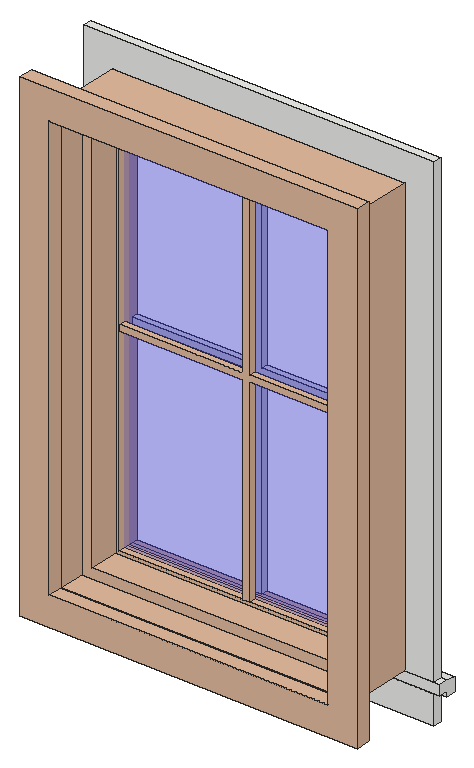
Revit family "177839c18d664fe79f584cccd9a3791d", category Ventanas, Revit 2026
Family settings
  Anfitrión = Muro
  Siempre vertical = Sí
  Corte con vacíos al cargar = No
  Compartido = No
  Punto de cálculo de habitación = No
Parameters (values of type "600 x 900mm")
  Incrustación de ventana [instance] = 0 mm
  Grosor de pared [instance] = 150 mm
  Visual Light Transmittance = 0.81
  Resistencia térmica (R) = 0.319569 (m²·K)/W
  Solar Heat Gain Coefficient = 0.76
  Anchura bruta = Anchura + 15 mm  # 615 mm
  Altura bruta = Altura + 15 mm  # 915 mm
  Visibilidad de montante secundario = yes
  Patrón de montante secundario = M_Patrón de montante secundario_2x2 : M_Patrón de montante secundario_2x2
  Cierre de muro interior [instance] = 54.75 mm
  Visibilidad de cubrejuntas interior [instance] = yes
  Material de cubrejuntas interior = Madera - Tinte
  Cubrejuntas interior = M_Cubrejuntas-Ventana-Interior-Plano : Marco de cuadro
  Altura = 900 mm
  Material de estructura interior = Madera - Tinte
  Coeficiente de transferencia de calor (U) = 3.12929 W/(m²·K)
  Material de panel de vidrio = Vidrio
  Extensión de estructura [instance] = if(Visibilidad de cubrejuntas exterior, Incrustación de ventana + 6.35 mm, 6.35 mm)  # 6.35 mm
  Clasificación para incendios = "0.5h"
  Cierre de muro exterior [instance] = 31.75 mm
  Visibilidad de cubrejuntas exterior [instance] = yes
  Material de cubrejuntas exterior = Revestimiento - Blanco
  Cubrejuntas exterior = M_Moldura-Ventana-Exterior-Plana : con antepecho
  Material de estructura exterior = Revestimiento - Blanco
  Visibilidad de jamba de extensión [instance] = and(Visibilidad de cubrejuntas interior, Grosor de pared - Incrustación de ventana > 95.25 mm)  # yes
  Jamba de extensión [instance] = if(Grosor de pared - Incrustación de ventana > 95.25 mm, Grosor de pared - Incrustación de ventana - 95.25 mm, 25.4 mm)  # 54.75 mm
  Altura de antepecho por defecto = 900 mm
  Cierre de muro = Por anfitrión
  Anchura = 600 mm
  Construcción analítica = "Cristalera doble - doméstica"
Reference planes
  plane 1 "Centro (Frontal/Posterior)": y = 0
  plane 2: z = 0
  plane 3 "Centro (Izquierda/Derecha)": x = 0
  plane 4 "Izquierda": x = -300
  plane 5 "Derecha": x = 300
  plane 6 "Antepecho": z = 900
  plane 7 "Parte superior": z = 1800
  plane 8 "Incrustación de cara": y = 75
  plane 9 "Cierre de muro": y = -20.25
  plane 10 "Cara de hoja": y = 87.7
  plane 11 "Exterior": y = 75
  plane 12: x = 287.3
  plane 13: x = -287.3
  plane 14: z = 1787.3
  plane 15: z = 912.7
  plane 16: y = 55.95
  plane 17 "Vidrio": y = 65.475
  plane 18: y = 94.05
  plane 19: y = 94.05
  plane 20 "Interior": y = -75
  plane 21 "Jamba": y = -20.25
  plane 22 "Central": z = 1350
  plane 23: z = 1350
  plane 24: x = 268.25
  plane 25: x = 261.9
  plane 26: x = -261.9
  plane 27: x = 261.9
  plane 28: z = 1761.9
  plane 29: z = 938.1
  plane 30: y = -20.25
  plane 31: y = 43.25
  plane 32: y = 94.05
Forms (mm)
  Sweep 1, solid, material "Madera - Tinte" <- "Material de estructura interior"
    path origin (0, 87.7, 0) x (-1, 0, 0) y (0, 0, 1)
      loop
        line (-300, 900) -> (300, 900) -> (300, 1800) -> (-300, 1800) -> (-300, 900)
    profile origin (300, 87.7, 1350) x (1, 0, 0) y (0, 1, 0)
      loop
        line (0, 6.35) -> (-12.7, 6.35) -> (-12.7, -44.45) -> (-31.75, -44.45) -> (-31.75, -107.95) -> (0, -107.95) -> (0, 6.35)
  Extrusion 2, solid, material "Madera - Tinte" <- "Material de estructura interior", visible <- "Visibilidad de jamba de extensión"
    sketch origin (0, 0, 0) x (1, 0, 0) y (0, 0, 1)
      loop
        line (300, 1800) -> (-300, 1800) -> (-300, 900) -> (300, 900) -> (300, 1800)
      loop
        line (287.3, 912.7) -> (287.3, 1787.3) -> (-287.3, 1787.3) -> (-287.3, 912.7) -> (287.3, 912.7)
    from 20.25 to 75
  Sweep 3, solid, material "Madera - Tinte" <- "Material de estructura interior"
    path origin (0, 87.7, 0) x (-1, 0, 0) y (0, 0, 1)
      loop
        line (-287.3, 1787.3) -> (-287.3, 912.7) -> (287.3, 912.7) -> (287.3, 1787.3) -> (-287.3, 1787.3)
    profile origin (287.3, 87.7, 1350) x (0, 1, 0) y (-1, 0, 0)
      loop
        line (0, 0) -> (0, 25.4) -> (-44.45, 25.4) -> (-44.45, 0) -> (0, 0)
  Extrusion 4, solid, material "Vidrio" <- "Material de panel de vidrio"
    sketch origin (0, 0, 900) x (0, -1, 0) y (1, 0, 0)
      loop
        line (-75, -261.9) -> (-68.65, -261.9) -> (-68.65, 261.9) -> (-75, 261.9) -> (-75, -261.9)
      loop
        line (-55.95, 261.9) -> (-62.3, 261.9) -> (-62.3, -261.9) -> (-55.95, -261.9) -> (-55.95, 261.9)
    from 38.1 to 861.9
Lines and regions (mm)
  Opening 1
    outline origin (-1524, -75, 0) x (1, 0, 0) y (0, 0, 1)
      loop
        line (1224, 1800) -> (1224, 900) -> (1824, 900) -> (1824, 1800) -> (1224, 1800)
  Split face 1
    outline origin (261.9, 87.7, 938.1) x (-1, 0, 0) y (0, -1, 0)
      loop
        line (523.8, 12.7) -> (0, 12.7)
  Split face 2
    outline origin (261.9, 87.7, 1761.9) x (0, 0, -1) y (0, -1, 0)
      loop
        line (0, 12.7) -> (823.8, 12.7)
  Split face 3
    outline origin (-261.9, 87.7, 938.1) x (0, 0, 1) y (0, -1, 0)
      loop
        line (823.8, 12.7) -> (0, 12.7)
  Split face 4
    outline origin (-261.9, 87.7, 1761.9) x (0, -1, 0) y (1, 0, 0)
      loop
        line (12.7, 0) -> (12.7, 523.8)
  Split face 5
    outline origin (287.3, 43.25, 912.7) x (0, 0, 1) y (0, 1, 0)
      loop
        line (874.6, 31.75) -> (0, 31.75)
  Split face 6
    outline origin (-287.3, 43.25, 912.7) x (1, 0, 0) y (0, 1, 0)
      loop
        line (0, 31.75) -> (574.6, 31.75)
  Split face 7
    outline origin (-287.3, 43.25, 1787.3) x (0, 0, -1) y (0, 1, 0)
      loop
        line (874.6, 44.45) -> (0, 44.45)
  Split face 8
    outline origin (287.3, 43.25, 1787.3) x (0, 1, 0) y (-1, 0, 0)
      loop
        line (44.45, 0) -> (44.45, 574.6)
Text (mm)
  text "EXTERIOR" at (-1490.695, 1293.036, 0), in view "Nivel de referencia"
  text "INTERIOR" at (-1490.695, -959.266, 0), in view "Nivel de referencia"
  text "Exterior" at (0, 1108.87, 3129.179), in view "Izquierda"
  text "Exterior" at (0, 464.664, 3176.206), in view "Derecha"
Dimensions and locks
  equal spacing: plane 4 "Izquierda", plane 3 "Centro (Izquierda/Derecha)", plane 5 "Derecha"
  "Anchura": plane 4 "Izquierda" to plane 5 "Derecha"
  "Altura": plane 6 "Antepecho" to plane 7 "Parte superior"
  "Altura de antepecho por defecto": plane 2 to plane 6 "Antepecho"
  locked: plane 10 "Cara de hoja" to plane 8 "Incrustación de cara" at 12.7
  "Grosor de pared": host wall to host wall
  "Incrustación de ventana": plane 11 "Exterior" to plane 8 "Incrustación de cara"
  locked: Sweep 1 sketch curve to plane 5 "Derecha" at 12.7
  locked: plane 12 to plane 5 "Derecha" at 12.7
  locked: plane 4 "Izquierda" to plane 13 at 12.7
  locked: plane 14 to plane 7 "Parte superior" at 12.7
  locked: plane 6 "Antepecho" to plane 15 at 12.7
  plane 16 to Sweep 3 = 12.7 mm
  equal spacing: plane 8 "Incrustación de cara", plane 17 "Vidrio", plane 16
  locked: plane 8 "Incrustación de cara" to plane 16 at 19.05
  locked: plane 18 to plane 11 "Exterior" at 19.05
  locked: plane 19 to plane 10 "Cara de hoja" at 6.35
  "Jamba de extensión": plane 21 "Jamba" to plane 20 "Interior"
  locked: plane 8 "Incrustación de cara" to plane 9 "Cierre de muro" at 95.25
  equal spacing: plane 6 "Antepecho", plane 23, plane 7 "Parte superior"
  plane 24 to plane 5 "Derecha" = 31.75 mm
  plane 25 to plane 12 = 25.4 mm
  locked: plane 4 "Izquierda" to plane 26 at 38.1
  locked: plane 7 "Parte superior" to plane 28 at 38.1
  locked: plane 29 to plane 6 "Antepecho" at 38.1
  locked: plane 27 to plane 5 "Derecha" at 38.1
  level to host wall = 7010.4 mm
  "Cierre de muro interior": plane 30 to plane 20 "Interior"
  "Cierre de muro exterior": plane 11 "Exterior" to plane 31
  "Extensión de estructura": plane 32 to plane 10 "Cara de hoja"
  aligned and locked: plane 7 "Parte superior" to Opening 1 sketch curve
  aligned and locked: plane 6 "Antepecho" to Opening 1 sketch curve  (x2)
  aligned and locked: plane 5 "Derecha" to Opening 1 sketch curve
  aligned and locked: plane 4 "Izquierda" to Opening 1 sketch curve
  aligned and locked: level to plane 2
  aligned and locked: host wall to plane 11 "Exterior"
  aligned and locked: plane 5 "Derecha" to Sweep 1 sketch curve
  aligned and locked: plane 7 "Parte superior" to Sweep 1 sketch curve
  aligned and locked: Sweep 1 sketch curve to plane 4 "Izquierda"
  aligned and locked: Sweep 1 sketch curve to plane 6 "Antepecho"
  aligned and locked: Extrusion 2 sketch curve to host wall  (x3)
  aligned and locked: plane 7 "Parte superior" to Extrusion 2 sketch curve
  aligned and locked: host wall to Extrusion 2
  aligned and locked: Sweep 3 sketch curve to plane 12  (x2)
  aligned and locked: Sweep 3 sketch curve to plane 15
  aligned and locked: Split face 1 sketch curve to plane 8 "Incrustación de cara"
  aligned and locked: plane 8 "Incrustación de cara" to Split face 2 sketch curve
  aligned and locked: plane 8 "Incrustación de cara" to Split face 3 sketch curve
  aligned and locked: Split face 4 sketch curve to plane 8 "Incrustación de cara"
  aligned and locked: Extrusion 4 sketch curve to plane 8 "Incrustación de cara"
  aligned and locked: Sweep 3 to Extrusion 4 sketch curve
  aligned and locked: Extrusion 4 sketch curve to plane 16
  aligned and locked: Extrusion 4 sketch curve to Sweep 3
  aligned and locked: plane 20 "Interior" to host wall
  aligned and locked: plane 21 "Jamba" to Extrusion 2
  aligned and locked: plane 9 "Cierre de muro" to Sweep 1
  aligned and locked: nested 2 to plane 4 "Izquierda"
  aligned and locked: plane 11 "Exterior" to nested 2
  aligned and locked: profile plane to Sweep 3 sketch curve
  aligned and locked: plane 13 to Sweep 3 sketch curve
  aligned and locked: plane 12 to Extrusion 2 sketch curve
  aligned and locked: Extrusion 2 sketch curve to plane 14
  aligned and locked: Extrusion 2 sketch curve to plane 13
  aligned and locked: plane 15 to Extrusion 2 sketch curve
  aligned and locked: plane 23 to plane 22 "Central"
  aligned and locked: plane 14 to Sweep 3 sketch curve
  aligned and locked: Sweep 1 sketch curve to Sweep 3
  aligned and locked: Sweep 3 sketch curve to plane 25
  aligned and locked: Extrusion 4 sketch curve to plane 25  (x2)
  aligned and locked: Extrusion 4 to Sweep 3  (x2)
  aligned and locked: plane 8 "Incrustación de cara" to Split face 5 sketch curve
  aligned and locked: Split face 6 sketch curve to plane 8 "Incrustación de cara"
  aligned and locked: Split face 7 sketch curve to plane 10 "Cara de hoja"
  aligned and locked: plane 10 "Cara de hoja" to Split face 8 sketch curve
  aligned and locked: plane 7 "Parte superior" to nested 2
  aligned and locked: nested 1 to plane 29
  aligned and locked: plane 15 to Extrusion 2
  aligned and locked: Extrusion 2 to plane 14
  aligned and locked: plane 17 "Vidrio" to nested 1
  aligned and locked: nested 1 to plane 28
  aligned and locked: plane 25 to nested 1
  aligned and locked: plane 26 to nested 1
  aligned and locked: plane 7 "Parte superior" to nested 3
  aligned and locked: nested 3 to plane 3 "Centro (Izquierda/Derecha)"
  aligned and locked: plane 7 "Parte superior" to nested 4
  aligned and locked: plane 3 "Centro (Izquierda/Derecha)" to nested 4
  aligned and locked: plane 32 to Sweep 1 sketch curve
Automatic sketch dimensions
  Sweep 3 sketch curve to plane 10 "Cara de hoja" = 44.45 mm
  Split face 1 sketch curve to Sweep 3 = 0 mm  (x2)
  Sweep 3 to Split face 2 sketch curve = 0 mm
  Split face 2 sketch curve to Sweep 3 = 0 mm
  Split face 3 sketch curve to Sweep 3 = 0 mm
  Sweep 3 to Split face 3 sketch curve = 0 mm
  Split face 4 sketch curve to Sweep 3 = 0 mm  (x2)
  plane 17 "Vidrio" to Extrusion 4 sketch curve = 3.175 mm
  Extrusion 4 sketch curve to plane 17 "Vidrio" = 3.175 mm
  Sweep 1 sketch curve to profile plane = 0 mm
  profile plane to Sweep 1 sketch curve = 31.75 mm
  Sweep 1 sketch curve to plane 10 "Cara de hoja" = 107.95 mm
  Split face 5 sketch curve to Sweep 1 = 0 mm
  Sweep 1 to Split face 5 sketch curve = 0 mm
  Split face 6 sketch curve to Sweep 1 = 0 mm  (x2)
  Sweep 1 to Split face 7 sketch curve = 0 mm
  Split face 7 sketch curve to Sweep 1 = 0 mm
  Split face 8 sketch curve to Sweep 1 = 0 mm  (x2)
Nested families
  nested 1: "M_Patrón de montante secundario_2x2" at (0, 65.475, 938.1) x (-1, 0, 0) z (0, 0, 1), type <- "Patrón de montante secundario", Material exterior <- "Material de estructura exterior", Material interior <- "Material de estructura interior", visible <- "Visibilidad de montante secundario", type "M_Patrón de montante secundario_2x2"
    with Anchura 523.8 mm, Material interior Madera - Tinte, Altura 823.8 mm, Material exterior Revestimiento - Blanco
  nested 2: "M_Plano-Fijo" at (0, 75, 900) x (-1, 0, 0) z (0, 0, 1), Anchura <- "Anchura", Grosor de pared <- "Grosor de pared", Altura <- "Altura", Incrustación de ventana <- "Incrustación de ventana", type "M_Plano-Fijo"
    with Incrustación de ventana de 3D 0 mm, Incrustación de ventana 0 mm, Anchura 600 mm, Grosor de pared 150 mm, Altura 900 mm
  nested 3: "M_Moldura-Ventana-Exterior-Plana" at (0, 75, 1800) x (-1, 0, 0) z (0, 1, 0), visible <- "Visibilidad de cubrejuntas exterior", Material de cubrejuntas <- "Material de cubrejuntas exterior", Anchura de hueco <- "Anchura", Altura del hueco <- "Altura", type <- "Cubrejuntas exterior", type "con antepecho"
    with Material de cubrejuntas Revestimiento - Blanco, Anchura de hueco 600 mm, Altura del hueco 900 mm
  nested 4: "M_Cubrejuntas-Ventana-Interior-Plano" at (0, -75, 1800) x (1, 0, 0) z (0, -1, 0), visible <- "Visibilidad de cubrejuntas interior", Material de cubrejuntas <- "Material de cubrejuntas interior", Anchura de hueco <- "Anchura", Altura del hueco <- "Altura", type <- "Cubrejuntas interior", type "Marco de cuadro"
    with Material de cubrejuntas Madera - Tinte, Anchura de hueco 600 mm, Altura del hueco 900 mm
Definition of nested family "M_Patrón de montante secundario_2x2"
  Parameters (values of type "M_Patrón de montante secundario_2x2")
    Anchura [instance] = 1200 mm
    Grosor = 12.7 mm
    Altura [instance] = 1200 mm
    Material interior [instance] = none
    Material exterior [instance] = none
    Distancia = 19.05 mm
    Default Elevation = 0 mm
  Reference planes
    plane 1 "Centro (Frontal/Posterior)": y = 0
    plane 2: z = 0
    plane 3 "Centro (Izquierda/Derecha)": x = 0
    plane 4: z = 1200
    plane 5: x = -600
    plane 6: x = 600
    plane 7: z = 600
    plane 8: y = 9.525
    plane 9: y = 22.225
    plane 10: y = -9.525
    plane 11: y = -22.225
  Forms (mm)
    Extrusion 1, solid, material <- "Material interior", detail levels fine
      sketch origin (0, 0, 0) x (1, 0, 0) y (0, 0, 1)
        loop
          line (-600, 606.35) -> (-600, 593.65) -> (-6.35, 593.65) -> (-6.35, 0) -> (6.35, 0) -> (6.35, 593.65) -> (600, 593.65) -> (600, 606.35) -> (6.35, 606.35) -> (6.35, 1200) -> (-6.35, 1200) -> (-6.35, 606.35) -> (-600, 606.35)
      from 9.525 to 22.225
    Extrusion 2, solid, material <- "Material exterior", detail levels fine
      sketch origin (0, 0, 0) x (1, 0, 0) y (0, 0, -1)
        loop
          line (-600, -606.35) -> (-6.35, -606.35) -> (-6.35, -1200) -> (6.35, -1200) -> (6.35, -606.35) -> (600, -606.35) -> (600, -593.65) -> (6.35, -593.65) -> (6.35, 0) -> (-6.35, 0) -> (-6.35, -593.65) -> (-600, -593.65) -> (-600, -606.35)
      from 9.525 to 22.225
  Lines and regions (mm)
    model lines, detail levels medium
      curve 1: line (0, 9.525, 1200) -> (0, 9.525, 0)
      curve 2: line (-600, -9.525, 600) -> (600, -9.525, 600)
      curve 3: line (-600, 9.525, 600) -> (600, 9.525, 600)
      curve 4: line (0, -9.525, 1200) -> (0, -9.525, 0)
  Dimensions and locks
    equal spacing: plane 6, plane 3 "Centro (Izquierda/Derecha)", plane 5
    "Anchura": plane 6 to plane 5
    "Altura": plane 4 to plane 2
    equal spacing: plane 4, plane 7, plane 2
    locked: plane 3 "Centro (Izquierda/Derecha)" to Extrusion 1 sketch curve at 6.35  (x4)
    locked: Extrusion 1 sketch curve to plane 7 at 6.35  (x2)
    locked: plane 7 to Extrusion 1 sketch curve at 6.35  (x2)
    "Grosor": plane 9 to plane 8
    "Grosor": plane 10 to plane 11
    "Distancia": plane 8 to plane 10
    equal spacing: plane 8, plane 1 "Centro (Frontal/Posterior)", plane 10
    aligned and locked: plane 2 to level
    aligned and locked: plane 4 to curve 1
    aligned and locked: plane 5 to curve 2
    aligned and locked: plane 2 to curve 1
    aligned and locked: plane 6 to curve 2
    aligned and locked: Extrusion 1 sketch curve to plane 4
    aligned and locked: Extrusion 1 sketch curve to plane 6
    aligned and locked: Extrusion 1 sketch curve to plane 5
    aligned and locked: Extrusion 1 sketch curve to level
    aligned and locked: Extrusion 1 to plane 11
    aligned and locked: plane 10 to Extrusion 1
    aligned and locked: Extrusion 2 to plane 5
    aligned and locked: plane 6 to Extrusion 2
    aligned and locked: Extrusion 2 to plane 8
    aligned and locked: plane 9 to Extrusion 2
    aligned and locked: Extrusion 2 to plane 2
    aligned and locked: plane 4 to Extrusion 2
    aligned and locked: plane 5 to curve 3
    aligned and locked: plane 6 to curve 3
    aligned and locked: plane 4 to curve 4
    aligned and locked: plane 2 to curve 4
    aligned and locked: plane 8 to curve 3
  Automatic sketch dimensions
    curve 2 to plane 7 = 0 mm
    Extrusion 2 sketch curve to plane 5 = 0 mm
    Extrusion 2 sketch curve to level = 0 mm
    Extrusion 2 sketch curve to plane 4 = 0 mm
    Extrusion 2 sketch curve to plane 6 = 0 mm
    Extrusion 2 sketch curve to plane 3 "Centro (Izquierda/Derecha)" = 6.35 mm  (x2)
    plane 3 "Centro (Izquierda/Derecha)" to Extrusion 2 sketch curve = 6.35 mm  (x2)
    plane 7 to Extrusion 2 sketch curve = 6.35 mm  (x2)
    Extrusion 2 sketch curve to plane 7 = 6.35 mm  (x2)
    curve 4 to plane 3 "Centro (Izquierda/Derecha)" = 0 mm
    curve 4 to level = 0 mm
    curve 4 to plane 4 = 0 mm
    curve 3 to plane 6 = 0 mm
    curve 1 to plane 3 "Centro (Izquierda/Derecha)" = 0 mm
    curve 3 to plane 5 = 0 mm
    curve 3 to plane 7 = 0 mm
Definition of nested family "M_Moldura-Ventana-Exterior-Plana"
  Parameters (values of type "con antepecho")
    Anchura de cubrejuntas = 60 mm
    Grosor de cubrejuntas_Marco de cuadro = 30 mm
    Grosor de cubrejuntas_con antepecho = 19.05 mm
    Material de cubrejuntas [instance] = none
    Grosor de antepecho = 30 mm
    Antepecho = yes
    Marco de cuadro = no
    Anchura de hueco [instance] = 600 mm
    Altura del hueco [instance] = 900 mm
    Default Elevation = 1200 mm
  Types (2, lengths in mm): name | Antepecho | Marco de cuadro
    con antepecho | yes | no
    Marco de cuadro | no | yes
  Reference planes
    plane 1 "Centro (Frontal/Posterior)": y = 0
    plane 2: z = 0
    plane 3 "Centro (Izquierda/Derecha)": x = 0
    plane 4: y = 60
    plane 5 "Izquierda": x = -300
    plane 6 "Derecha": x = 300
    plane 7 "Parte inferior": y = -900
    plane 8: y = -930
    plane 9: y = -980.432
    plane 10: x = 360
    plane 11: x = -360
    plane 12: z = 19.05
    plane 13: z = 30
    plane 14: x = 372.7
    plane 15: x = -372.7
    plane 16: y = -920.432
    plane 17: y = -960
    plane 18: z = 12.7
    plane 19: y = -450
    plane 20: z = 38.1
  Forms (mm)
    Extrusion 1, solid
      sketch origin (0, 0, 0) x (1, 0, 0) y (0, 1, 0)
        loop
          line (-361.95, 57.15) -> (-361.95, -993.732) -> (361.95, -993.732) -> (361.95, 57.15) -> (-361.95, 57.15)
      from 0 to -304.8
    Extrusion 2, solid, material <- "Material de cubrejuntas", visible <- "Antepecho"
      sketch origin (0, 0, 0) x (1, 0, 0) y (0, 1, 0)
        loop
          line (-360, -900) -> (-300, -900) -> (-300, 0) -> (300, 0) -> (300, -900) -> (360, -900) -> (360, 60) -> (-360, 60) -> (-360, -900)
      from 0 to 19.05
    Extrusion 3, solid, material <- "Material de cubrejuntas", visible <- "Antepecho"
      sketch origin (0, 0, 0) x (0, 1, 0) y (0, 0, 1)
        loop
          line (-902.458, 38.1) -> (-930, 38.1) -> (-930, 19.05) -> (-920.432, 19.05) -> (-920.432, 0) -> (-900, 0) -> (-900, 19.05) -> (-902.458, 38.1)
      from -372.7 to 372.7
    Extrusion 4, solid, material <- "Material de cubrejuntas", visible <- "Antepecho"
      sketch origin (0, 0, 0) x (1, 0, 0) y (0, 1, 0)
        loop
          line (-360, -920.432) -> (-360, -980.432) -> (360, -980.432) -> (360, -920.432) -> (-360, -920.432)
      from 0 to 19.05
    Extrusion 5, solid, material <- "Material de cubrejuntas", visible <- "Marco de cuadro"
      sketch origin (0, 0, 0) x (1, 0, 0) y (0, 1, 0)
        loop
          line (-300, 0) -> (-300, -900) -> (300, -900) -> (300, 0) -> (-300, 0)
        loop
          line (-360, 60) -> (-360, -960) -> (360, -960) -> (360, 60) -> (-360, 60)
      from 0 to 30
  Dimensions and locks
    equal spacing: plane 5 "Izquierda", plane 3 "Centro (Izquierda/Derecha)", plane 6 "Derecha"
    "Anchura de hueco": plane 5 "Izquierda" to plane 6 "Derecha"
    "Altura del hueco": plane 7 "Parte inferior" to plane 1 "Centro (Frontal/Posterior)"
    "Grosor de antepecho": plane 7 "Parte inferior" to plane 8
    "Anchura de cubrejuntas": plane 11 to plane 5 "Izquierda"
    "Anchura de cubrejuntas": plane 6 "Derecha" to plane 10
    "Anchura de cubrejuntas": plane 1 "Centro (Frontal/Posterior)" to plane 4
    locked: plane 15 to plane 11 at 12.7
    locked: plane 10 to plane 14 at 12.7
    locked: plane 16 to plane 8 at 9.568
    "Anchura de cubrejuntas": plane 9 to plane 16
    "Anchura de cubrejuntas": plane 17 to plane 7 "Parte inferior"
    locked: plane 18 to plane 2 at 12.7
    equal spacing: plane 7 "Parte inferior", plane 19, plane 1 "Centro (Frontal/Posterior)"
    locked: plane 20 to plane 12 at 19.05
    "Grosor de cubrejuntas_con antepecho": plane 12 to plane 2
    "Grosor de cubrejuntas_Marco de cuadro": plane 13 to plane 2
    aligned and locked: plane 2 to Extrusion 1
    aligned and locked: level to Extrusion 1
    aligned and locked: Extrusion 2 sketch curve to plane 5 "Izquierda"
    aligned and locked: Extrusion 2 sketch curve to plane 11
    aligned and locked: plane 7 "Parte inferior" to Extrusion 2 sketch curve  (x2)
    aligned and locked: plane 1 "Centro (Frontal/Posterior)" to Extrusion 2 sketch curve
    aligned and locked: plane 10 to Extrusion 2 sketch curve
    aligned and locked: Extrusion 2 sketch curve to plane 6 "Derecha"
    aligned and locked: plane 12 to Extrusion 2
    aligned and locked: Extrusion 3 sketch curve to level
    aligned and locked: plane 7 "Parte inferior" to Extrusion 3 sketch curve
    aligned and locked: Extrusion 3 sketch curve to plane 8
    aligned and locked: plane 15 to Extrusion 3
    aligned and locked: Extrusion 3 to plane 14
    aligned and locked: plane 10 to Extrusion 4 sketch curve
    aligned and locked: Extrusion 4 sketch curve to plane 11
    aligned and locked: plane 16 to Extrusion 4 sketch curve
    aligned and locked: plane 9 to Extrusion 4 sketch curve
    aligned and locked: Extrusion 4 to Extrusion 2
    aligned and locked: Extrusion 2 sketch curve to plane 4
    aligned and locked: plane 1 "Centro (Frontal/Posterior)" to Extrusion 5 sketch curve
    aligned and locked: Extrusion 5 sketch curve to plane 4
    aligned and locked: Extrusion 5 sketch curve to plane 17
    aligned and locked: plane 7 "Parte inferior" to Extrusion 5 sketch curve
    aligned and locked: Extrusion 5 sketch curve to plane 6 "Derecha"
    aligned and locked: plane 10 to Extrusion 5 sketch curve
    aligned and locked: Extrusion 5 sketch curve to plane 5 "Izquierda"
    aligned and locked: Extrusion 5 sketch curve to plane 11
    aligned and locked: plane 13 to Extrusion 5
    aligned and locked: plane 20 to Extrusion 3
  Automatic sketch dimensions
    Extrusion 1 sketch curve to Extrusion 1 sketch curve = 723.9 mm
    Extrusion 1 sketch curve to Extrusion 1 sketch curve = 1050.882 mm
    Extrusion 3 sketch curve to plane 16 = 0 mm
    Extrusion 3 sketch curve to plane 12 = 0 mm  (x2)
    Extrusion 3 sketch curve to plane 7 "Parte inferior" = 2.458 mm
    plane 13 to Extrusion 3 sketch curve = 8.1 mm
Definition of nested family "M_Cubrejuntas-Ventana-Interior-Plano"
  Parameters (values of type "con antepecho")
    Grosor de cubrejuntas_Marco de cuadro = 30 mm
    Anchura de cubrejuntas = 60 mm
    Grosor de cubrejuntas_con antepecho = 20 mm
    Material de cubrejuntas [instance] = none
    Grosor de antepecho = 30 mm
    Antepecho = yes
    Marco de cuadro = no
    Anchura de hueco [instance] = 600 mm
    Altura del hueco [instance] = 900 mm
    Default Elevation = 1200 mm
  Types (2, lengths in mm): name | Antepecho | Marco de cuadro
    con antepecho | yes | no
    Marco de cuadro | no | yes
  Reference planes
    plane 1 "Centro (Frontal/Posterior)": y = 0
    plane 2: z = 0
    plane 3 "Centro (Izquierda/Derecha)": x = 0
    plane 4: y = 47.3
    plane 5 "Izquierda": x = -300
    plane 6 "Derecha": x = 300
    plane 7 "Parte inferior": y = -900
    plane 8: y = -930
    plane 9: y = -980.432
    plane 10: x = 347.3
    plane 11: x = -347.3
    plane 12: z = 20
    plane 13: z = 30
    plane 14: x = 360
    plane 15: x = -360
    plane 16: y = -920.432
    plane 17: y = -947.3
    plane 18: z = 12.7
    plane 19: x = -287.3
    plane 20: y = -12.7
    plane 21: x = 287.3
    plane 22: y = -887.3
    plane 23: x = -334.6
    plane 24: x = 334.6
    plane 25: y = -450
  Forms (mm)
    Extrusion 1, solid
      sketch origin (0, 0, 0) x (1, 0, 0) y (0, 1, 0)
        loop
          line (-349.25, 44.45) -> (-349.25, -958.85) -> (349.25, -958.85) -> (349.25, 44.45) -> (-349.25, 44.45)
      from 0 to -304.8
    Extrusion 2, solid, material <- "Material de cubrejuntas", visible <- "Antepecho"
      sketch origin (0, 0, 0) x (1, 0, 0) y (0, 1, 0)
        loop
          line (-334.6, -900) -> (-287.3, -900) -> (-287.3, 0) -> (287.3, 0) -> (287.3, -900) -> (334.6, -900) -> (334.6, 47.3) -> (-334.6, 47.3) -> (-334.6, -900)
      from 0 to 20
    Extrusion 3, solid, material <- "Material de cubrejuntas", visible <- "Antepecho"
      sketch origin (0, 0, 0) x (0, 1, 0) y (0, 0, 1)
        loop
          line (-912.7, 39.05) -> (-920.432, 39.05) -> (-920.432, 0) -> (-900, 0) -> (-900, 26.35)
          arc (-900, 26.35) -> (-903.72, 35.33) -> (-912.7, 39.05) r 12.7
      from -347.3 to 347.3
    Extrusion 4, solid, material <- "Material de cubrejuntas", visible <- "Antepecho"
      sketch origin (0, 0, 0) x (1, 0, 0) y (0, 1, 0)
        loop
          line (-334.6, -920.432) -> (-334.6, -980.432) -> (334.6, -980.432) -> (334.6, -920.432) -> (-334.6, -920.432)
      from 0 to 20
    Extrusion 5, solid, material <- "Material de cubrejuntas", visible <- "Marco de cuadro"
      sketch origin (0, 0, 0) x (1, 0, 0) y (0, 1, 0)
        loop
          line (-287.3, -12.7) -> (-287.3, -887.3) -> (287.3, -887.3) -> (287.3, -12.7) -> (-287.3, -12.7)
        loop
          line (-347.3, 47.3) -> (-347.3, -947.3) -> (347.3, -947.3) -> (347.3, 47.3) -> (-347.3, 47.3)
      from 0 to 30
  Dimensions and locks
    equal spacing: plane 5 "Izquierda", plane 3 "Centro (Izquierda/Derecha)", plane 6 "Derecha"
    "Anchura de hueco": plane 5 "Izquierda" to plane 6 "Derecha"
    "Altura del hueco": plane 7 "Parte inferior" to plane 1 "Centro (Frontal/Posterior)"
    "Grosor de antepecho": plane 7 "Parte inferior" to plane 8
    "Anchura de cubrejuntas": plane 11 to plane 19
    "Anchura de cubrejuntas": plane 21 to plane 10
    "Anchura de cubrejuntas": plane 20 to plane 4
    "Grosor de cubrejuntas_con antepecho": plane 12 to plane 2
    locked: plane 15 to plane 11 at 12.7
    locked: plane 10 to plane 14 at 12.7
    locked: plane 16 to plane 8 at 9.568
    "Anchura de cubrejuntas": plane 9 to plane 16
    "Anchura de cubrejuntas": plane 17 to plane 22
    plane 20 to plane 1 "Centro (Frontal/Posterior)" = 12.7 mm
    plane 5 "Izquierda" to plane 19 = 12.7 mm
    plane 21 to plane 6 "Derecha" = 12.7 mm
    plane 22 to plane 7 "Parte inferior" = 12.7 mm
    locked: plane 11 to plane 23 at 12.7
    locked: plane 24 to plane 10 at 12.7
    equal spacing: plane 7 "Parte inferior", plane 25, plane 1 "Centro (Frontal/Posterior)"
    "Grosor de cubrejuntas_Marco de cuadro": plane 13 to plane 2
    locked: Extrusion 3 to plane 12 at 19.05
    locked: plane 12 to Extrusion 3 sketch curve at 19.05
    radius of Extrusion 3 sketch curve = 12.7 mm
    aligned and locked: plane 2 to Extrusion 1
    aligned and locked: level to Extrusion 1
    aligned and locked: plane 7 "Parte inferior" to Extrusion 2 sketch curve  (x2)
    aligned and locked: plane 1 "Centro (Frontal/Posterior)" to Extrusion 2 sketch curve
    aligned and locked: plane 12 to Extrusion 2
    aligned and locked: Extrusion 3 sketch curve to level
    aligned and locked: plane 7 "Parte inferior" to Extrusion 3 sketch curve
    aligned and locked: plane 16 to Extrusion 4 sketch curve
    aligned and locked: plane 9 to Extrusion 4 sketch curve
    aligned and locked: Extrusion 2 sketch curve to plane 4
    aligned and locked: Extrusion 5 sketch curve to plane 4
    aligned and locked: Extrusion 5 sketch curve to plane 17
    aligned and locked: plane 10 to Extrusion 5 sketch curve
    aligned and locked: Extrusion 5 sketch curve to plane 11
    aligned and locked: plane 13 to Extrusion 5
    aligned and locked: Extrusion 5 sketch curve to plane 20
    aligned and locked: Extrusion 5 sketch curve to plane 19
    aligned and locked: Extrusion 5 sketch curve to plane 21
    aligned and locked: plane 22 to Extrusion 5 sketch curve
    aligned and locked: Extrusion 4 to plane 24
    aligned and locked: plane 11 to Extrusion 3
    aligned and locked: Extrusion 3 to plane 10
    aligned and locked: Extrusion 2 sketch curve to plane 21
    aligned and locked: Extrusion 2 sketch curve to plane 24
    aligned and locked: Extrusion 2 sketch curve to plane 19
    aligned and locked: Extrusion 2 sketch curve to plane 23
    aligned and locked: plane 12 to Extrusion 4
  Automatic sketch dimensions
    Extrusion 1 sketch curve to Extrusion 1 sketch curve = 698.5 mm
    Extrusion 1 sketch curve to Extrusion 1 sketch curve = 1003.3 mm
    Extrusion 3 sketch curve to plane 16 = 0 mm
    Extrusion 4 sketch curve to plane 11 = 12.7 mm
    Extrusion 4 sketch curve to plane 24 = 0 mm
Definition of nested family "M_Plano-Fijo"
  Parameters (values of type "M_Plano-Fijo")
    Incrustación de ventana [instance] = 25 mm
    Incrustación de ventana de 3D [instance] = if(Incrustación de ventana - 12.7 mm < 0 mm, 0 mm, if(Incrustación de ventana - 12.7 mm < Grosor de pared - 88.9 mm, Incrustación de ventana - 12.7 mm, Grosor de pared - 88.9 mm))  # 12.3 mm
    Width [instance] = 1200 mm
    Grosor de pared [instance] = 150 mm
    Height [instance] = 900 mm
    Default Elevation = 1200 mm
    Analytic Construction = "<Ninguno>"
  Reference planes
    plane 1 "Centro (Frontal/Posterior)": y = 0
    plane 2: z = 0
    plane 3 "Centro (Izquierda/Derecha)": x = 0
    plane 4: x = -600
    plane 5: x = 600
    plane 6 "Jamba": y = -101.2
    plane 7: x = -587.3
    plane 8: x = -568.25
    plane 9: y = -12.3
    plane 10: y = -56.75
    plane 11: y = -34.525
    plane 12: x = -561.9
    plane 13: x = 587.3
    plane 14: x = 568.25
    plane 15: x = 561.9
    plane 16 "Incrustación de ventana": y = -25
    plane 17 "Muro": y = -150
    plane 18: z = 900
    plane 19: z = 887.3
    plane 20: z = 12.7
    plane 21: z = 868.25
    plane 22: z = 31.75
    plane 23: z = 861.9
    plane 24: z = 38.1
  Lines and regions (mm)
    Masking region 1
      outline origin (0, 19.05, 0) x (1, 0, 0) y (0, 1, 0)
        loop
          line (-600, -169.05) -> (600, -169.05) -> (600, -19.05) -> (-600, -19.05) -> (-600, -169.05)
    Masking region 2
      outline origin (0, 0, 0) x (0, 1, 0) y (0, 0, 1)
        loop
          line (-150, 900) -> (-150, 0) -> (0, 0) -> (0, 900) -> (-150, 900)
    symbolic lines
      curve 1: line (-587.3, -56.75, 0) -> (-568.25, -56.75, 0)
      curve 2: line (-568.25, -56.75, 0) -> (-568.25, -101.2, 0)
      curve 3: line (-587.3, -12.3, 0) -> (-587.3, -56.75, 0)
      curve 4: line (-600, -12.3, 0) -> (-561.9, -12.3, 0)
      curve 5: line (-561.9, -12.3, 0) -> (-561.9, -56.75, 0)
      curve 6: line (-561.9, -56.75, 0) -> (-568.25, -56.75, 0)
      curve 7: line (-561.9, -34.525, 0) -> (561.9, -34.525, 0)
      curve 8: line (587.3, -56.75, 0) -> (568.25, -56.75, 0)
      curve 9: line (568.25, -56.75, 0) -> (568.25, -101.2, 0)
      curve 10: line (587.3, -12.3, 0) -> (587.3, -56.75, 0)
      curve 11: line (561.9, -12.3, 0) -> (561.9, -56.75, 0)
      curve 12: line (561.9, -56.75, 0) -> (568.25, -56.75, 0)
      curve 13: line (-600, -101.2, 0) -> (-568.25, -101.2, 0)
      curve 14: line (568.25, -101.2, 0) -> (600, -101.2, 0)
      curve 15: line (0, -12.3, 887.3) -> (0, -56.75, 887.3)
      curve 16: line (0, -56.75, 868.25) -> (0, -101.2, 868.25)
      curve 17: line (0, -101.2, 0) -> (0, -101.2, 31.75)
      curve 18: line (0, -12.3, 12.7) -> (0, -56.75, 12.7)
      curve 19: line (0, -56.75, 12.7) -> (0, -56.75, 38.1)
      curve 20: line (0, -56.75, 31.75) -> (0, -101.2, 31.75)
      curve 21: line (0, -12.3, 900) -> (0, -12.3, 861.9)
      curve 22: line (0, -12.3, 861.9) -> (0, -56.75, 861.9)
      curve 23: line (0, -56.75, 38.1) -> (0, -12.3, 38.1)
      curve 24: line (0, -34.525, 38.1) -> (0, -34.525, 861.9)
      curve 25: line (0, -56.75, 887.3) -> (0, -56.75, 861.9)
      curve 26: line (561.9, -12.3, 0) -> (600, -12.3, 0)
      curve 27: line (0, -101.2, 868.25) -> (0, -101.2, 900)
      curve 28: line (0, -12.3, 38.1) -> (0, -12.3, 0)
      curve 29: line (-561.9, -12.3, 0) -> (561.9, -12.3, 0)
      curve 30: line (568.25, -101.2, 0) -> (-568.25, -101.2, 0)
      curve 31: line (0, -12.3, 861.9) -> (0, -12.3, 38.1)
      curve 32: line (0, -101.2, 31.75) -> (0, -101.2, 868.25)
  Dimensions and locks
    "Width": plane 4 to plane 5
    equal spacing: plane 4, plane 3 "Centro (Izquierda/Derecha)", plane 5
    plane 4 to plane 7 to plane 8 = 12.7 mm locked, 19.05 mm locked
    equal spacing: plane 9, plane 11, plane 10
    plane 5 to plane 13 to plane 14 = 12.7 mm locked, 19.05 mm locked
    locked: plane 9 to plane 16 "Incrustación de ventana" at 12.7
    locked: plane 9 to plane 10 at 44.45
    "Grosor de pared": plane 17 "Muro" to plane 1 "Centro (Frontal/Posterior)"
    "Height": plane 18 to plane 2
    locked: plane 18 to plane 19 at 12.7
    locked: plane 20 to plane 2 at 12.7
    locked: plane 19 to plane 21 at 19.05
    locked: plane 22 to plane 20 at 19.05
    locked: plane 10 to plane 6 "Jamba" at 44.45
    "Incrustación de ventana de 3D": plane 9 to plane 1 "Centro (Frontal/Posterior)"
    locked: plane 7 to plane 12 at 25.4
    locked: plane 15 to plane 13 at 25.4
    locked: plane 19 to plane 23 at 25.4
    locked: plane 24 to plane 20 at 25.4
    aligned and locked: plane 2 to level
    aligned and locked: curve 2 to plane 8
    aligned and locked: curve 1 to plane 10
    aligned and locked: plane 4 to Masking region 1 sketch curve
    aligned and locked: Masking region 1 sketch curve to plane 5
    aligned and locked: plane 14 to curve 9
    aligned and locked: Masking region 1 sketch curve to plane 17 "Muro"
    aligned and locked: curve 13 to plane 6 "Jamba"
    aligned and locked: curve 14 to plane 6 "Jamba"
    aligned and locked: plane 1 "Centro (Frontal/Posterior)" to Masking region 1 sketch curve
    aligned and locked: Masking region 2 sketch curve to plane 18
    aligned and locked: plane 17 "Muro" to Masking region 2 sketch curve
    aligned and locked: level to Masking region 2 sketch curve
    aligned and locked: plane 6 "Jamba" to curve 17
    aligned and locked: plane 21 to curve 16
    aligned and locked: plane 19 to curve 15
    aligned and locked: plane 22 to curve 20
    aligned and locked: plane 10 to curve 19  (x2)
    aligned and locked: plane 20 to curve 18
    aligned and locked: curve 21 to plane 9
    aligned and locked: plane 23 to curve 22
    aligned and locked: curve 23 to plane 24
    aligned and locked: plane 11 to curve 24
    aligned and locked: plane 4 to curve 4
    aligned and locked: plane 5 to curve 26
    aligned and locked: plane 18 to curve 21
    aligned and locked: plane 9 to curve 15
    aligned and locked: plane 9 to curve 18
    aligned and locked: plane 2 to curve 28
    aligned and locked: plane 9 to curve 3
    aligned and locked: plane 9 to curve 10
    aligned and locked: curve 25 to plane 10
    aligned and locked: plane 19 to curve 25
    aligned and locked: plane 23 to curve 25
    aligned and locked: plane 2 to curve 17
    aligned and locked: curve 26 to plane 9
    aligned and locked: curve 4 to plane 9
    aligned and locked: curve 5 to plane 12
    aligned and locked: plane 15 to curve 11
    aligned and locked: curve 7 to plane 11
    aligned and locked: curve 12 to plane 10
    aligned and locked: plane 10 to curve 8
    aligned and locked: plane 6 "Jamba" to curve 27
  Automatic sketch dimensions
    Masking region 2 sketch curve to plane 1 "Centro (Frontal/Posterior)" = 0 mm
    curve 13 to plane 4 = 0 mm
    curve 3 to plane 7 = 0 mm
    curve 10 to plane 13 = 0 mm
    curve 14 to plane 5 = 0 mm
    curve 18 to plane 20 = 0 mm
    curve 27 to plane 18 = 0 mm
